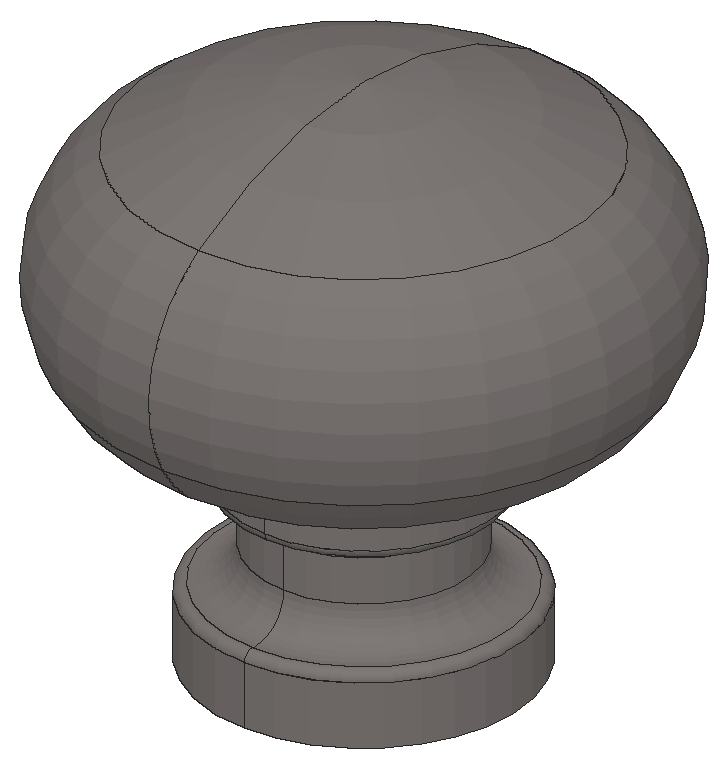
Revit family "Accessory-Cabinet_Knob-KOHLER-Shea_McGee-K-29979-1", category Specialty Equipment, host Face, Revit 2022
Family settings
  Host = Face
  Round Connector Dimension = Use Diameter
  Part Type = Normal
  OmniClass Number = 23.21.19.17.13
  OmniClass Title = Casework Component Hardware
  Cut with Voids When Loaded = No
  Maintain Annotation Orientation = No
  Shared = No
  Room Calculation Point = No
Parameters (values of type "DR-Deep Bronze")
  Width = 1.0748"  # constant formula
  WaterSense Certified = 1 = 0  # no
  URL = "https://www.us.kohler.com/us/"
  Type = 6
  Product Page URL = "http://www.us.kohler.com/us/catalog/productDetails.jsp?productNumber=29979"
  Product Name = "Shea McGee"  # constant formula
  Product Documentation Link = "https://www.us.kohler.com/webassets/kpna/catalog/pdf/en/K-29979_spec_US-CA_Kohler_en.pdf"
  Model = if(Type = 1, "K-29979-2MB", if(Type = 2, "K-29979-BL", if(Type = 3, "K-29979-BN", if(Type = 4, "K-29979-CP", if(Type = 5, "K-29979-SN", if(Type = 6, "K-29979-DR", "NA"))))))  # "K-29979-DR"
  Material = "Premium Metal Construction"  # constant formula
  Master Format 2014 Name = "Toilet, Bath, and Laundry Accessories"  # constant formula
  Master Format 2014 = "10 28 00"  # constant formula
  Manufacturer Address = "444 Highland Dr, Kohler, WI 53044"  # constant formula
  Manufacturer = "Kohler Co."  # constant formula
  Length = 1.12598"  # constant formula
  Height = 1.12598"  # constant formula
  Finish = Kohler-Metal-DR-Deep_Bronze
  Environmental Product Declaration = ""
  Description = "Cabinet Knob"  # constant formula
  Default Elevation = 42"
  Declare Label = ""
  Date Modified = "03/27/2025"  # constant formula
  Date Created = "07/19/2023"  # constant formula
  Copyright = "Copyright Kohler Co."  # constant formula
  Contact Us = "https://www.us.kohler.com/us/static/contact.jsp"
  Assembly Code = "C1030200"
  ADA Compliant = 1 = 0  # no
Types (7): name | Type | Model | Finish
  (no name) | 6 | "K-29979-DR" | Kohler-Metal-DR-Deep_Bronze
  2MB-Vibrant Brushed Moderne Brass | 1 | "K-29979-2MB" | Kohler-Metal-2MB-Vibrant_Brushed_Moderne_Brass
  BL-Matte Black | 2 | "K-29979-BL" | Kohler-Metal-BL-Matte_Black
  BN-Vibrant Brushed Nickel | 3 | "K-29979-BN" | Kohler-Metal-BN-Vibrant_Brushed_Nickel
  CP-Polished Chrome | 4 | "K-29979-CP" | Kohler-Metal-CP-Polished_Chrome
  SN-Vibrant Polished Nickel | 5 | "K-29979-SN" | Kohler-Metal-SN-Vibrant_Polished_Nickel
  DR-Deep Bronze | 6 | "K-29979-DR" | Kohler-Metal-DR-Deep_Bronze
Reference planes (in)
  plane 1 "Center (Front/Back)": y = 0
  plane 2: z = 0
  plane 3 "Center (Left/Right)": x = 0
  plane 4: z = 0
  plane 5: y = 0.56299
  plane 6: y = -0.56299
  plane 7: x = -0.56299
  plane 8: x = 0.56299
  plane 9: z = 1.0748
Dimensions and locks (in)
  "Length": plane 7 to plane 8
  "Height": plane 5 to plane 6
  level to plane 9 = 1.0748"
  "Width": plane 9 to level
  plane 7 to plane 8 = 1.12598"
  aligned and locked: plane 2 to host face
  aligned and locked: level to host face
Automatic sketch dimensions
  host sketch curve to host sketch curve = 96"  (x2)
Nested families (in)
  nested 1: "K-29979" at (0, 0, 0), type "K-29979"
Definition of nested family "K-29979"
  Parameters
    Material = none
    Default Elevation = 0"
  Reference planes (in)
    plane 1 "Center (Front/Back)": y = 0
    plane 2: z = 0
    plane 3 "Center (Left/Right)": x = 0
    plane 4: z = 1.0748
    plane 5: y = 0.56299
    plane 6: y = -0.56299
    plane 7: x = -0.56299
    plane 8: x = 0.56299
  Forms (in)
    Revolve 1, solid, material <- "Material", detail levels medium+fine
      sketch origin (0, 0, 0) x (0, 1, 0) y (0, 0, 1)
        loop
          line (0, 0) -> (0, 1.07615)
          arc (0, 1.07615) -> (-0.2249, 1.04067) -> (-0.43275, 0.94772) r 0.8647
          arc (-0.43275, 0.94772) -> (-0.55498, 0.78052) -> (-0.52555, 0.57551) r 0.27443
          arc (-0.52555, 0.57551) -> (-0.47897, 0.51636) -> (-0.41806, 0.4721) r 0.27443
          arc (-0.41806, 0.4721) -> (-0.35108, 0.44515) -> (-0.27987, 0.43322) r 0.33402
          arc (-0.27987, 0.43322) -> (-0.26445, 0.42604) -> (-0.25816, 0.41023) r 0.02304
          line (-0.25816, 0.41023) -> (-0.25816, 0.34023)
          arc (-0.25816, 0.34023) -> (-0.25152, 0.32635) -> (-0.23653, 0.32281) r 0.01783
          arc (-0.23653, 0.32281) -> (-0.21737, 0.31832) -> (-0.20882, 0.3006) r 0.02285
          line (-0.20882, 0.3006) -> (-0.20843, 0.21303)
          arc (-0.20843, 0.21303) -> (-0.2333, 0.15811) -> (-0.29114, 0.14108) r 0.07237
          arc (-0.29114, 0.14108) -> (-0.30585, 0.13677) -> (-0.31222, 0.12282) r 0.01845
          line (-0.31222, 0.12282) -> (-0.31222, 0) -> (0, 0)
        axis (0, 0) -> (0, 1.07615)
      angle from 0 to 360
    Revolve 2, solid, material <- "Material", detail levels coarse
      sketch origin (0, 0, 0) x (1, 0, 0) y (0, 0, 1)
        loop
          line (0, 1.07415) -> (0, 0) -> (0.31222, 0) -> (0.31222, 0.14195) -> (0.21813, 0.14195) -> (0.21813, 0.32485) -> (0.25837, 0.32485) -> (0.25837, 0.43341) -> (0.29699, 0.43341)
          arc (0.29699, 0.43341) -> (0.5061, 0.53157) -> (0.56416, 0.75515) r 0.2718
          arc (0.56416, 0.75515) -> (0.51304, 0.87618) -> (0.41615, 0.9649) r 0.30811
          arc (0.41615, 0.9649) -> (0.29714, 1.02145) -> (0.17041, 1.05753) r 0.7941
          arc (0.17041, 1.05753) -> (0.08561, 1.06998) -> (0, 1.07415) r 0.88234
        axis (0, 1.07415) -> (0, 0)
      angle from 0 to 360
  Lines and regions (in)
    Masking region 1
      outline origin (0, 0, 0) x (1, 0, 0) y (0, 1, 0)
        loop
          circle (0, 0) r 0.56299
    Masking region 2
      outline origin (0, 0, 0) x (1, 0, 0) y (0, 0, 1)
        loop
          line (-0.31222, 0) -> (0.31222, 0) -> (0.31222, 0.12151)
          arc (0.31222, 0.12151) -> (0.30646, 0.13543) -> (0.29254, 0.1412) r 0.01969
          arc (0.29254, 0.1412) -> (0.27087, 0.14282) -> (0.24968, 0.14763) r 0.14598
          arc (0.24968, 0.14763) -> (0.21945, 0.17423) -> (0.20849, 0.21297) r 0.07123
          arc (0.20849, 0.21297) -> (0.20887, 0.25271) -> (0.20917, 0.29245) r 20.00088
          arc (0.20917, 0.29245) -> (0.21823, 0.31347) -> (0.23961, 0.3216) r 0.02937
          arc (0.23961, 0.3216) -> (0.254, 0.3271) -> (0.26002, 0.34127) r 0.01968
          line (0.26002, 0.34127) -> (0.26002, 0.40834)
          arc (0.26002, 0.40834) -> (0.2667, 0.42512) -> (0.28308, 0.43271) r 0.02441
          arc (0.28308, 0.43271) -> (0.35811, 0.44594) -> (0.42789, 0.47652) r 0.32009
          arc (0.42789, 0.47652) -> (0.50377, 0.54209) -> (0.55165, 0.63021) r 0.27972
          arc (0.55165, 0.63021) -> (0.55866, 0.65592) -> (0.56299, 0.68222) r 0.25962
          line (0.56299, 0.68222) -> (0.56299, 0.71372)
          arc (0.56299, 0.71372) -> (0.5599, 0.75793) -> (0.54966, 0.80105) r 0.27146
          arc (0.54966, 0.80105) -> (0.49577, 0.89601) -> (0.409, 0.96228) r 0.27315
          arc (0.409, 0.96228) -> (0.38014, 0.97637) -> (0.35136, 0.99064) r 5.11601
          arc (0.35136, 0.99064) -> (0.26078, 1.02871) -> (0.16599, 1.05457) r 0.74803
          arc (0.16599, 1.05457) -> (0.09204, 1.06711) -> (0.01743, 1.0748) r 1.14898
          line (0.01743, 1.0748) -> (-0.01743, 1.0748)
          arc (-0.01743, 1.0748) -> (-0.09205, 1.06711) -> (-0.166, 1.05457) r 1.14889
          arc (-0.166, 1.05457) -> (-0.26078, 1.0287) -> (-0.35136, 0.99064) r 0.74803
          arc (-0.35136, 0.99064) -> (-0.38014, 0.97637) -> (-0.409, 0.96228) r 5.11601
          arc (-0.409, 0.96228) -> (-0.49577, 0.89601) -> (-0.54966, 0.80105) r 0.27315
          arc (-0.54966, 0.80105) -> (-0.5599, 0.75793) -> (-0.56299, 0.71372) r 0.27146
          line (-0.56299, 0.71372) -> (-0.56299, 0.68222)
          arc (-0.56299, 0.68222) -> (-0.55866, 0.65592) -> (-0.55165, 0.63021) r 0.25935
          arc (-0.55165, 0.63021) -> (-0.50377, 0.54211) -> (-0.4279, 0.47655) r 0.27972
          arc (-0.4279, 0.47655) -> (-0.35812, 0.44597) -> (-0.28309, 0.43274) r 0.32009
          arc (-0.28309, 0.43274) -> (-0.26671, 0.42515) -> (-0.26003, 0.40837) r 0.02441
          line (-0.26003, 0.40837) -> (-0.26003, 0.34127)
          arc (-0.26003, 0.34127) -> (-0.25401, 0.3271) -> (-0.23962, 0.3216) r 0.01968
          arc (-0.23962, 0.3216) -> (-0.21823, 0.31347) -> (-0.20918, 0.29245) r 0.02937
          arc (-0.20918, 0.29245) -> (-0.20888, 0.25271) -> (-0.20849, 0.21297) r 20.00088
          arc (-0.20849, 0.21297) -> (-0.21947, 0.17423) -> (-0.2497, 0.14762) r 0.07123
          arc (-0.2497, 0.14762) -> (-0.27088, 0.14281) -> (-0.29254, 0.1412) r 0.14598
          arc (-0.29254, 0.1412) -> (-0.30646, 0.13543) -> (-0.31222, 0.12151) r 0.01969
          line (-0.31222, 0.12151) -> (-0.31222, 0)
    Masking region 3
      outline origin (0, 0, 0) x (0, 1, 0) y (0, 0, 1)
        loop
          line (0.31222, 0) -> (0.31222, 0.12151)
          arc (0.31222, 0.12151) -> (0.30646, 0.13543) -> (0.29254, 0.1412) r 0.01969
          arc (0.29254, 0.1412) -> (0.27088, 0.14281) -> (0.2497, 0.14762) r 0.14598
          arc (0.2497, 0.14762) -> (0.21947, 0.17423) -> (0.20849, 0.21297) r 0.07123
          arc (0.20849, 0.21297) -> (0.20888, 0.25271) -> (0.20918, 0.29245) r 20.00088
          arc (0.20918, 0.29245) -> (0.21823, 0.31347) -> (0.23962, 0.3216) r 0.02937
          arc (0.23962, 0.3216) -> (0.25401, 0.3271) -> (0.26003, 0.34127) r 0.01968
          line (0.26003, 0.34127) -> (0.26003, 0.40837)
          arc (0.26003, 0.40837) -> (0.26671, 0.42515) -> (0.28309, 0.43274) r 0.02441
          arc (0.28309, 0.43274) -> (0.35812, 0.44597) -> (0.4279, 0.47655) r 0.32009
          arc (0.4279, 0.47655) -> (0.50377, 0.54211) -> (0.55165, 0.63021) r 0.27972
          arc (0.55165, 0.63021) -> (0.55866, 0.65592) -> (0.56299, 0.68222) r 0.25935
          line (0.56299, 0.68222) -> (0.56299, 0.71372)
          arc (0.56299, 0.71372) -> (0.5599, 0.75793) -> (0.54966, 0.80105) r 0.27146
          arc (0.54966, 0.80105) -> (0.49577, 0.89601) -> (0.409, 0.96228) r 0.27315
          arc (0.409, 0.96228) -> (0.38014, 0.97637) -> (0.35136, 0.99064) r 5.11601
          arc (0.35136, 0.99064) -> (0.26078, 1.0287) -> (0.166, 1.05457) r 0.74803
          arc (0.166, 1.05457) -> (0.09205, 1.06711) -> (0.01743, 1.0748) r 1.14889
          line (0.01743, 1.0748) -> (-0.01743, 1.0748)
          arc (-0.01743, 1.0748) -> (-0.09204, 1.06711) -> (-0.16599, 1.05457) r 1.14898
          arc (-0.16599, 1.05457) -> (-0.26078, 1.02871) -> (-0.35136, 0.99064) r 0.74803
          arc (-0.35136, 0.99064) -> (-0.38014, 0.97637) -> (-0.409, 0.96228) r 5.11601
          arc (-0.409, 0.96228) -> (-0.49577, 0.89601) -> (-0.54966, 0.80105) r 0.27315
          arc (-0.54966, 0.80105) -> (-0.5599, 0.75793) -> (-0.56299, 0.71372) r 0.27146
          line (-0.56299, 0.71372) -> (-0.56299, 0.68222)
          arc (-0.56299, 0.68222) -> (-0.55866, 0.65592) -> (-0.55165, 0.63021) r 0.25962
          arc (-0.55165, 0.63021) -> (-0.50377, 0.54209) -> (-0.42789, 0.47652) r 0.27972
          arc (-0.42789, 0.47652) -> (-0.35811, 0.44594) -> (-0.28308, 0.43271) r 0.32009
          arc (-0.28308, 0.43271) -> (-0.2667, 0.42512) -> (-0.26002, 0.40834) r 0.02441
          line (-0.26002, 0.40834) -> (-0.26002, 0.34127)
          arc (-0.26002, 0.34127) -> (-0.254, 0.3271) -> (-0.23961, 0.3216) r 0.01968
          arc (-0.23961, 0.3216) -> (-0.21823, 0.31347) -> (-0.20917, 0.29245) r 0.02937
          arc (-0.20917, 0.29245) -> (-0.20887, 0.25271) -> (-0.20849, 0.21297) r 20.00088
          arc (-0.20849, 0.21297) -> (-0.21945, 0.17423) -> (-0.24968, 0.14763) r 0.07123
          arc (-0.24968, 0.14763) -> (-0.27087, 0.14282) -> (-0.29254, 0.1412) r 0.14598
          arc (-0.29254, 0.1412) -> (-0.30646, 0.13543) -> (-0.31222, 0.12151) r 0.01969
          line (-0.31222, 0.12151) -> (-0.31222, 0) -> (0.31222, 0)
    symbolic lines, detail levels medium+fine
      curve 1: line (0.56299, 0, 0.71372) -> (-0.56299, 0, 0.71372)
      curve 2: line (0.31222, 0, 0.1215) -> (-0.31222, 0, 0.1215)
      curve 3: line (0.29051, 0, 0.14108) -> (-0.29051, 0, 0.14108)
      curve 4: line (0.20914, 0, 0.21445) -> (-0.20914, 0, 0.21445)
      curve 5: line (0.20914, 0, 0.29731) -> (-0.20914, 0, 0.29731)
      curve 6: line (0.23786, 0, 0.32485) -> (-0.23786, 0, 0.32485)
      curve 7: line (0.25837, 0, 0.34451) -> (-0.25837, 0, 0.34451)
      curve 8: line (0.25837, 0, 0.40902) -> (-0.25837, 0, 0.40902)
      curve 9: line (0.2817, 0, 0.43341) -> (-0.2817, 0, 0.43341)
      curve 10: line (0, 0.56298, 0.71264) -> (0, -0.56299, 0.71372)
      curve 11: line (0, 0.26003, 0.34127) -> (0, -0.26003, 0.34127)
      curve 12: line (0, 0.20918, 0.29245) -> (0, -0.20918, 0.29245)
      curve 13: line (0, 0.20849, 0.21297) -> (0, -0.20849, 0.21297)
      curve 14: line (0, 0.29254, 0.1412) -> (0, -0.29254, 0.1412)
      curve 15: line (0, 0.31222, 0.12151) -> (0, -0.31222, 0.12151)
      curve 16: line (0, 0.26003, 0.40837) -> (0, -0.26003, 0.40837)
      curve 17: line (0, 0.28309, 0.43274) -> (0, -0.28308, 0.43271)
      curve 18: line (0, 0.23962, 0.3216) -> (0, -0.23961, 0.3216)
  Dimensions and locks (in)
    aligned and locked: plane 2 to level
